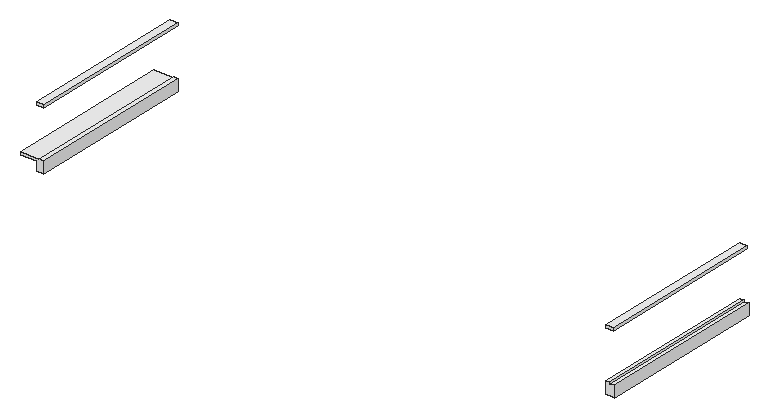
Revit family "CT_Bloco_D_Viga_Con_Perfil_Transversal", category Structural Framing, Revit 2025
Family settings
  Display in Hidden Views = Edges Hidden by Other Members
  Structural Framing Length Roundoff = 0.000 m
  Section Shape = Not Defined
  Material for Model Behavior = Concrete
  Always export as geometry = No
  Work Plane-Based = No
  Always vertical = Yes
  Cut with Voids When Loaded = Yes
  Symbolic Representation = From Family
  Shared = No
  Show family pre-cut in plan views = Yes
Parameters (values of type "VIG_BLC_CON_PRF")
  Structural Material [instance] = CT_Concreto
  Material_Vigas_Janela [instance] = CT_Concreto
  Comprimento_Modulo [instance] = 7.500 m
  Recuar_Brise [instance] = 0.000 m
Reference planes (m)
  plane 1 "Centro (Frente/Trás)": y = 0
  plane 2: z = 0
  plane 3 "Centro (Esquerda/Direita)": x = 0
  plane 4: x = -15.9999
  plane 5: x = 9.1749
  plane 6: z = 4.76
  plane 7: z = 9.16
  plane 8: y = -7.5
  plane 9: y = 0
Forms (m)
  Extrusion 1, solid, material "CT_Concreto" <- "Material_Vigas_Janela"
    sketch origin (0, 0, 0.06) x (1, 0, 0) y (0, 0, 1)
      loop
        line (-15.9999, 4.7) -> (-16.1999, 4.7) -> (-16.1999, 4.65) -> (-17.0749, 4.65) -> (-17.0749, 4.55) -> (-16.3499, 4.55) -> (-16.3499, 4.19) -> (-16.3499, 4.15) -> (-15.9999, 4.15) -> (-15.9999, 4.7)
      loop
        line (9.5749, 4.15) -> (9.5749, 4.65) -> (9.3749, 4.65) -> (9.3749, 4.7) -> (9.1749, 4.7) -> (9.1749, 4.15) -> (9.5749, 4.15)
    from 0 to 7.5
  Extrusion 2, solid, material "CT_Concreto" <- "Material_Vigas_Janela"
    sketch origin (0, 0, 0.06) x (1, 0, 0) y (0, 0, 1)
      loop
        line (-15.9999, 6.92) -> (-16.3499, 6.92) -> (-16.3499, 6.82) -> (-15.9999, 6.82) -> (-15.9999, 6.92)
      loop
        line (9.5249, 6.92) -> (9.1749, 6.92) -> (9.1749, 6.82) -> (9.5249, 6.82) -> (9.5249, 6.92)
    from 0 to 7.5
Dimensions and locks (m)
  locked: plane 5 to plane 4 at 25.1748
  locked: plane 6 to level at 4.76
  locked: plane 7 to plane 6 at 4.4
  "Comprimento_Modulo": plane 8 to plane 1 "Centro (Frente/Trás)"
  "Recuar_Brise": plane 1 "Centro (Frente/Trás)" to plane 9
  aligned and locked: level to plane 2
  aligned and locked: Extrusion 1 to plane 1 "Centro (Frente/Trás)"
  aligned and locked: plane 1 "Centro (Frente/Trás)" to Extrusion 1
  aligned and locked: Extrusion 1 to plane 8
  aligned and locked: plane 9 to Extrusion 2
  aligned and locked: Extrusion 2 to plane 8
Automatic sketch dimensions
  Extrusion 1 sketch curve to plane 6 = 0.000 m  (x2)
  Extrusion 1 sketch curve to plane 4 = 0.000 m
  Extrusion 1 sketch curve to plane 5 = 0.000 m
  Extrusion 1 sketch curve to plane 6 = 0.050 m  (x2)
  Extrusion 1 sketch curve to plane 4 = 0.200 m
  Extrusion 1 sketch curve to plane 4 = 0.350 m
  Extrusion 1 sketch curve to plane 6 = 0.150 m
  Extrusion 1 sketch curve to Extrusion 1 sketch curve = 0.725 m
  Extrusion 1 sketch curve to Extrusion 1 sketch curve = 0.200 m  (x2)
  Extrusion 1 sketch curve to Extrusion 1 sketch curve = 0.360 m
  Extrusion 1 sketch curve to Extrusion 1 sketch curve = 0.500 m
  Extrusion 1 sketch curve to Extrusion 1 sketch curve = 0.040 m
  Extrusion 2 sketch curve to plane 4 = 0.000 m
  Extrusion 2 sketch curve to plane 5 = 0.000 m
  Extrusion 2 sketch curve to Extrusion 2 sketch curve = 0.350 m  (x2)
  plane 6 to Extrusion 2 sketch curve = 2.120 m  (x2)
  Extrusion 2 sketch curve to Extrusion 2 sketch curve = 0.100 m  (x2)
